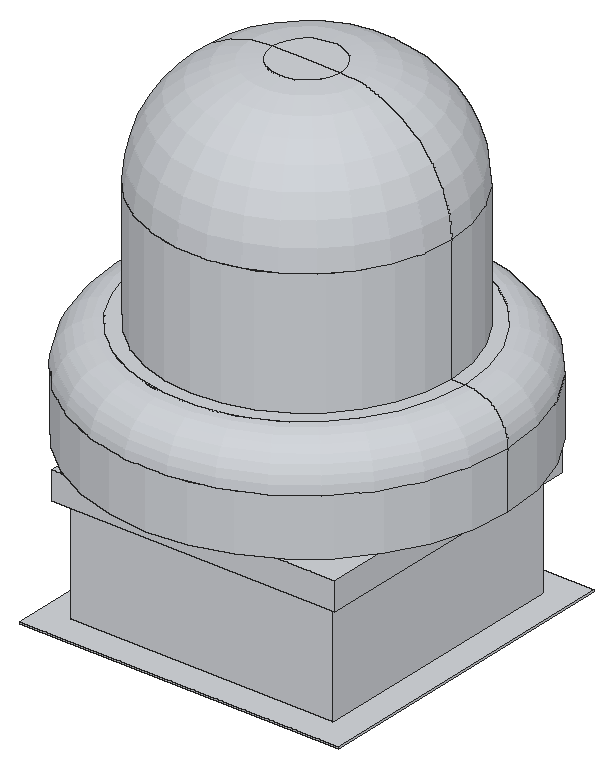
Revit family "ACE-D", category Mechanical Equipment, Revit 2019
Family settings
  Round Connector Dimension = Use Diameter
  Part Type = Normal
  Work Plane-Based = No
  Always vertical = Yes
  Cut with Voids When Loaded = No
  Shared = No
  Room Calculation Point = No
Parameters (values of type "120_ACE-D")
  ZERO = 0"  # constant formula
  Voltage [instance] = 0 V
  Unit Weight [instance] = ""
  URL = "www.lorencook.com"
  Type Comments = "Downblast Centrifugal Exhaust Ventilator Roof Mounted/Direct Drive"
  T_SQ_HALF = T_SQ / 2  # 10"
  T_SQ = 20"
  Static Pressure [instance] = 0.00 in-wg
  Sones [instance] = ""
  ROOF_OPENING = T_SQ - 4 1/2"  # 15 1/2"
  RO/2 = ROOF_OPENING / 2  # 7 3/4"
  Power [instance] = Voltage * Motor FLA * sqrt(if(Phase = 3, 3, 1))  # 0 VA
  Phase [instance] = 0
  Number of Poles [instance] = 1
  Motor RPM [instance] = ""
  Motor Hp [instance] = ""
  Motor FLA [instance] = 0 A
  Motor Enclosure [instance] = ""
  ModelID [instance] = ""
  Model = "ACED"
  Manufacturer = "Loren Cook Company"
  LwA [instance] = ""
  HALF_B_SUB = B_SUB / 2  # 14 7/32"
  Fan RPM [instance] = ""
  EDGE_TO_INLET = 3"
  EDGE_TO_CURB = 4.25879"
  DEPTH = 2"
  C_SUB = 27 1/16"
  CURB_HEIGHT [instance] = 9 1/2"
  CURB [instance] = yes
  CFM [instance] = 0 CFM
  Brake Hp [instance] = ""
  B_SUB_MINUS_4 = HALF_B_SUB - 4"  # 10 7/32"
  B_SUB = 28 7/16"
  Accessories [instance] = ""
  A_SUB = 1 7/16"
  LOWER_WB_HEIGHT = 7"
  Two = 2"  # constant formula
  One and a Half = 1 1/2"  # constant formula
  ONE EIGTH = 1/8"  # constant formula
Types (25): name | Type Comments | T_SQ_HALF | T_SQ | ROOF_OPENING | RO/2 | Motor Hp | Model | Manufacturer | HALF_B_SUB | EDGE_TO_INLET | EDGE_TO_CURB | DEPTH | C_SUB | CURB | B_SUB_MINUS_4 | B_SUB | A_SUB | LOWER_WB_HEIGHT
  (no name) | "Downblast Centrifugal Exhaust Ventilator Roof Mounted/Direct Drive" | 10" | 20" | 15 1/2" | 7 3/4" | "" | "ACED" | "Loren Cook Company" | 14 7/32" | 3" | 4.25879" | 2" | 27 1/16" | yes | 10 7/32" | 28 7/16" | 1 7/16" | 7"
  90_ACE-D | "Downblast Centrifugal Exhaust Ventilator Roof Mounted/Direct Drive" | 9" | 18" | 13 1/2" | 6 3/4" | "" | "ACED" | "Loren Cook Company" | 9 3/8" | 4" | 2 1/4" | 2" | 16 13/16" | yes | 5 3/8" | 18 3/4" | 2 1/2" | 4 1/2"
  70_ACE-D | "Downblast Centrifugal Exhaust Ventilator Roof Mounted/Direct Drive" | 9" | 18" | 13 1/2" | 6 3/4" | "" | "ACED" | "Loren Cook Company\r\nLoren Cook Company" | 6 13/16" | 6" | 4.25879" | 2" | 13 13/16" | yes | 2 13/16" | 13 5/8" | 1 3/4" | 4"
  100_ACE-D | "Downblast Centrifugal Exhaust Ventilator Roof Mounted/Direct Drive" | 9" | 18" | 13 1/2" | 6 3/4" | "0" | "ACED" | "Loren Cook Company" | 9 3/8" | 4" | 4.25879" | 2" | 16 13/16" | yes | 5 3/8" | 18 3/4" | 2 1/2" | 4 1/2"
  120_ACE-D | "Downblast Centrifugal Exhaust Ventilator Roof Mounted/Direct Drive" | 10" | 20" | 15 1/2" | 7 3/4" | "" | "ACED" | "Loren Cook Company" | 14 7/32" | 3" | 4.25879" | 2" | 27 1/16" | yes | 10 7/32" | 28 7/16" | 1 7/16" | 7"
  135_ACE-D | "Downblast Centrifugal Exhaust Ventilator Roof Mounted/Direct Drive" | 10" | 20" | 15 1/2" | 7 3/4" | "" | "ACED" | "Loren Cook Company" | 14 7/32" | 2 1/2" | 4.25879" | 2" | 27 1/16" | yes | 10 7/32" | 28 7/16" | 1 15/16" | 7"
  150_ACE-D | "Downblast Centrifugal Exhaust Ventilator Roof Mounted/Direct Drive" | 12" | 24" | 19 1/2" | 9 3/4" | "" | "ACED" | "Loren Cook Company" | 16 7/16" | 3" | 4.25879" | 2" | 28 11/16" | yes | 12 7/16" | 32 7/8" | 2 13/16" | 7"
  165_ACE-D | "Downblast Centrifugal Exhaust Ventilator Roof Mounted/Direct Drive" | 12" | 24" | 19 1/2" | 9 3/4" | "" | "ACED" | "Loren Cook Company" | 16 7/16" | 3" | 4 33/128" | 2" | 29 3/16" | yes | 12 7/16" | 32 7/8" | 3 5/16" | 7"
  180_ACE-D | "Downblast Centrifugal Exhaust Ventilator Roof Mounted/Direct Drive" | 15" | 30" | 25 1/2" | 12 3/4" | "" | "ACED" | "Loren Cook Company" | 18 27/32" | 3 3/4" | 4 33/128" | 3" | 33 15/16" | no | 14 27/32" | 37 11/16" | 3 5/16" | 6 5/16"
  195_ACE-D | "Downblast Centrifugal Exhaust Ventilator Roof Mounted/Direct Drive" | 15" | 30" | 25 1/2" | 12 3/4" | "" | "ACED" | "Loren Cook Company" | 18 27/32" | 3 3/4" | 4 33/128" | 3" | 35" | no | 14 27/32" | 37 11/16" | 4 7/16" | 6 5/16"
  210_ACE-D | "Downblast Centrifugal Exhaust Ventilator Roof Mounted/Direct Drive" | 15" | 30" | 25 1/2" | 12 3/4" | "" | "ACED" | "Loren Cook Company" | 21 13/16" | 3 3/4" | 4 33/128" | 3" | 37 1/4" | no | 17 13/16" | 43 5/8" | 4 3/4" | 6 5/16"
  225_ACE-D | "Downblast Centrifugal Exhaust Ventilator Roof Mounted/Direct Drive" | 15" | 30" | 25 1/2" | 12 3/4" | "" | "ACED" | "Loren Cook Company" | 21 13/16" | 3 3/4" | 4 33/128" | 3" | 37 3/8" | no | 17 13/16" | 43 5/8" | 4 7/8" | 6 5/16"
  245_ACE-D | "Downblast Centrifugal Exhaust Ventilator Roof Mounted/Direct Drive" | 15" | 30" | 25 1/2" | 12 3/4" | "" | "ACED" | "Loren Cook Company" | 23 13/16" | 3 3/4" | 4 33/128" | 3" | 39 7/8" | no | 19 13/16" | 47 5/8" | 6 1/8" | 6 5/16"
  270_ACE-D | "Downblast Centrifugal Exhaust Ventilator Roof Mounted/Direct Drive" | 18" | 36" | 31 1/2" | 15 3/4" | "" | "ACED" | "Loren Cook Company" | 23 13/16" | 3 3/4" | 4 33/128" | 3" | 39 7/8" | no | 19 13/16" | 47 5/8" | 6 1/8" | 6 5/16"
  300_ACE-D | "Downblast Centrifugal Exhaust Ventilator Roof Mounted/Direct Drive" | 18" | 36" | 31 1/2" | 15 3/4" | "" | "ACED" | "Loren Cook Company" | 26 5/16" | 3 3/4" | 4 33/128" | 3" | 49 1/16" | no | 22 5/16" | 52 5/8" | 7 1/16" | 6 5/16"
  100_ACE-VF | "Downblast Centrifugal Exhaust Ventilator Roof Mounted/Direct Drive Electronically Commutated Vari-Flow Motor" | 9" | 18" | 13 1/2" | 6 3/4" | "0" | "ACED VF" | "Loren Cook Company" | 9 3/8" | 4" | 4.25879" | 2" | 16 13/16" | yes | 5 3/8" | 18 3/4" | 2 1/2" | 4 1/2"
  120_ACE-VF | "Downblast Centrifugal Exhaust Ventilator Roof Mounted/Direct Drive Electronically Commutated Vari-Flow Motor" | 10" | 20" | 15 1/2" | 7 3/4" | "" | "ACED VF" | "Loren Cook Company" | 14 7/32" | 3" | 4.25879" | 2" | 27 1/16" | yes | 10 7/32" | 28 7/16" | 1 7/16" | 7"
  135_ACE-VF | "Downblast Centrifugal Exhaust Ventilator Roof Mounted/Direct Drive Electronically Commutated Vari-Flow Motor" | 10" | 20" | 15 1/2" | 7 3/4" | "" | "ACED VF" | "Loren Cook Company" | 14 7/32" | 2 1/2" | 4.25879" | 2" | 27 1/16" | yes | 10 7/32" | 28 7/16" | 1 15/16" | 7"
  150_ACE-VF | "Downblast Centrifugal Exhaust Ventilator Roof Mounted/Direct Drive Electronically Commutated Vari-Flow Motor" | 12" | 24" | 19 1/2" | 9 3/4" | "" | "ACED VF" | "Loren Cook Company" | 16 7/16" | 3" | 4.25879" | 2" | 28 11/16" | yes | 12 7/16" | 32 7/8" | 2 13/16" | 7"
  165_ACE-VF | "Downblast Centrifugal Exhaust Ventilator Roof Mounted/Direct Drive Electronically Commutated Vari-Flow Motor" | 12" | 24" | 19 1/2" | 9 3/4" | "" | "ACED VF" | "Loren Cook Company" | 16 7/16" | 3" | 4 33/128" | 2" | 29 3/16" | yes | 12 7/16" | 32 7/8" | 3 5/16" | 7"
  180_ACE-VF | "Downblast Centrifugal Exhaust Ventilator Roof Mounted/Direct Drive Electronically Commutated Vari-Flow Motor" | 15" | 30" | 25 1/2" | 12 3/4" | "" | "ACED VF" | "Loren Cook Company" | 18 27/32" | 3 3/4" | 4 33/128" | 3" | 33 15/16" | no | 14 27/32" | 37 11/16" | 3 5/16" | 6 5/16"
  195_ACE-VF | "Downblast Centrifugal Exhaust Ventilator Roof Mounted/Direct Drive Electronically Commutated Vari-Flow Motor" | 15" | 30" | 25 1/2" | 12 3/4" | "" | "ACED VF" | "Loren Cook Company" | 18 27/32" | 3 3/4" | 4 33/128" | 3" | 35" | no | 14 27/32" | 37 11/16" | 4 7/16" | 6 5/16"
  210_ACE-VF | "Downblast Centrifugal Exhaust Ventilator Roof Mounted/Direct Drive Electronically Commutated Vari-Flow Motor" | 15" | 30" | 25 1/2" | 12 3/4" | "" | "ACED VF" | "Loren Cook Company" | 21 13/16" | 3 3/4" | 4 33/128" | 3" | 37 1/4" | no | 17 13/16" | 43 5/8" | 4 3/4" | 6 5/16"
  101_ACE-D | "Downblast Centrifugal Exhaust Ventilator Roof Mounted/Direct Drive" | 9" | 18" | 13 1/2" | 6 3/4" | "0" | "ACED" | "Loren Cook Company" | 11 25/32" | 4" | 4.25879" | 2" | 21 1/8" | yes | 7 25/32" | 23 9/16" | 2 3/8" | 4 1/2"
  101_ACE-VF | "Downblast Centrifugal Exhaust Ventilator Roof Mounted/Direct Drive" | 9" | 18" | 13 1/2" | 6 3/4" | "0" | "ACED" | "Loren Cook Company" | 11 25/32" | 4" | 4.25879" | 2" | 21 1/8" | yes | 7 25/32" | 23 9/16" | 2 3/8" | 4 1/2"
Reference planes (in)
  plane 1 "Center (Front/Back)": y = 0
  plane 2: z = 0
  plane 3 "Center (Left/Right)": x = 0
Forms (in)
  Extrusion 1, solid
    sketch origin (0, 0, 0) x (1, 0, 0) y (0, 1, 0)
      loop
        line (-10, 10) -> (-10, -10) -> (10, -10) -> (10, 10) -> (-10, 10)
    from 0 to 2
  Revolve 2, solid
    sketch origin (0, 0, 0) x (1, 0, 0) y (0, 0, 1)
      loop
        line (0, 2) -> (7, 2) -> (7, 3.4375) -> (0, 3.4375) -> (0, 2)
      axis (0, 3.4375) -> (0, 2)
    angle from 0 to 360
  Revolve 3, solid
    sketch origin (0, 0, 0) x (1, 0, 0) y (0, 0, 1)
      loop
        line (0, 3.4375) -> (14.21875, 3.4375) -> (14.21875, 7.4375)
        arc (14.21875, 7.4375) -> (13.34007, 9.55882) -> (11.21875, 10.4375) r 3
        line (11.21875, 10.4375) -> (0, 10.4375) -> (0, 3.4375)
      axis (0, 3.4375) -> (0, 10.4375)
    angle from 0 to 360
  Revolve 4, solid
    sketch origin (0, 0, 0) x (1, 0, 0) y (0, 0, 1)
      loop
        line (0, 10.4375) -> (10.21875, 10.4375) -> (10.21875, 19.21875)
        arc (10.21875, 19.21875) -> (7.92137, 24.76512) -> (2.375, 27.0625) r 7.84375
        line (2.375, 27.0625) -> (0, 27.0625) -> (0, 10.4375)
      axis (0, 27.0625) -> (0, 10.4375)
    angle from 0 to 360
  Extrusion 5, solid
    sketch origin (0, 0, 0) x (1, 0, 0) y (0, 1, 0)
      loop
        line (-5.74121, -5.74121) -> (-3.74121, -5.74121) -> (-3.74121, -3.74121) -> (-5.74121, -3.74121) -> (-5.74121, -5.74121)
    from 2 to 4
  Extrusion 6, void
    sketch origin (0, 0, 0) x (1, 0, 0) y (0, 1, 0)
      loop
        line (-9.875, -9.875) -> (9.875, -9.875) -> (9.875, 9.875) -> (-9.875, 9.875) -> (-9.875, -9.875)
    from 0 to 1.875
  Extrusion 7, solid, visible <- "CURB"
    sketch origin (0, 0, 1.875) x (0, 1, 0) y (1, 0, 0)
      loop
        line (9.25, -9.25) -> (9.25, 9.25) -> (-9.25, 9.25) -> (-9.25, -9.25) -> (9.25, -9.25)
      loop
        line (-7.75, 7.75) -> (-7.75, -7.75) -> (7.75, -7.75) -> (7.75, 7.75) -> (-7.75, 7.75)
    from 0 to 9.5 <- "CURB_HEIGHT"
  Extrusion 8, solid, visible <- "CURB"
    sketch origin (0, 0, -7.625) x (-1, 0, 0) y (0, 1, 0)
      loop
        line (11.25, -11.25) -> (11.25, 11.25) -> (-11.25, 11.25) -> (-11.25, -11.25) -> (11.25, -11.25)
      loop
        line (-9.25, 9.25) -> (-9.25, -9.25) -> (9.25, -9.25) -> (9.25, 9.25) -> (-9.25, 9.25)
    from 0 to -0.125
Cuts and joins
  Extrusion 6 cuts Extrusion 1
Dimensions and locks (in)
  "T_SQ": Extrusion 1 sketch curve to Extrusion 1 sketch curve  (x2)
  "DEPTH": Extrusion 1 to Extrusion 1
  "T_SQ": Extrusion 1 to Extrusion 1  (x2)
  "EDGE_TO_INLET": Extrusion 1 to Revolve 2 sketch curve
  "A_SUB": Revolve 2 sketch curve to Extrusion 1
  Revolve 2 sketch curve to Extrusion 1 = 0"
  "T_SQ_HALF": Revolve 2 sketch curve to Extrusion 1  (x2)
  Revolve 2 to Revolve 3 sketch curve = 0"
  "LOWER_WB_HEIGHT": Revolve 3 sketch curve to Revolve 3 sketch curve
  "HALF_B_SUB": Revolve 3 sketch curve to plane 3 "Center (Left/Right)"
  "T_SQ_HALF": Extrusion 1 sketch curve to plane 3 "Center (Left/Right)"
  "T_SQ_HALF": plane 1 "Center (Front/Back)" to Extrusion 1 sketch curve
  "C_SUB": Revolve 4 sketch curve to Extrusion 1
  "LOWER_WB_HEIGHT": Revolve 4 sketch curve to Revolve 3
  Revolve 4 sketch curve to Extrusion 1 = 7/32"
  Revolve 4 sketch curve to plane 3 "Center (Left/Right)" = 0"
  Revolve 3 to Revolve 4 sketch curve = 4"
  "EDGE_TO_CURB": Extrusion 1 to Extrusion 5 sketch curve  (x2)
  "ONE EIGTH": Extrusion 1 to Extrusion 6 sketch curve  (x3)
  "ONE EIGTH": Extrusion 6 sketch curve to Extrusion 1
  "One and a Half": Extrusion 7 sketch curve to Extrusion 7 sketch curve  (x4)
  "RO/2": plane 1 "Center (Front/Back)" to Extrusion 7 sketch curve
  "RO/2": Extrusion 7 sketch curve to plane 1 "Center (Front/Back)"
  "RO/2": plane 3 "Center (Left/Right)" to Extrusion 7 sketch curve
  "RO/2": Extrusion 7 sketch curve to plane 3 "Center (Left/Right)"
  "ZERO": Extrusion 8 sketch curve to Extrusion 7  (x4)
  "Two": Extrusion 7 to Extrusion 8 sketch curve
  "Two": Extrusion 8 sketch curve to Extrusion 7  (x3)
  radius of Revolve 3 sketch curve = 3"
Automatic sketch dimensions
  Revolve 3 sketch curve to plane 3 "Center (Left/Right)" = 0"  (x2)
  Revolve 3 sketch curve to Revolve 3 sketch curve = 0"  (x2)
  Revolve 2 sketch curve to Revolve 2 sketch curve = 0"  (x2)
  Revolve 4 sketch curve to plane 3 "Center (Left/Right)" = 0"
  Revolve 4 sketch curve to Revolve 4 sketch curve = 0"  (x2)
  plane 3 "Center (Left/Right)" to Revolve 4 sketch curve = 2 3/8"
  Extrusion 5 sketch curve to Extrusion 5 sketch curve = 2"  (x2)
Connectors (in)
  electrical at (-4.74121, -4.74121, 2)
    settings: on Extrusion 5, index 2, voltage 0 V, apparent load 0 VA, apparent load phase1 0 VA, apparent load phase2 0 VA, apparent load phase3 0 VA, power factor 1, load classification "Other", number of poles 1, system type 30, power factor state 1, is connector primary yes, connector utility no, sub classification motor no, connector description ""
  hvac at (0, 0, 2), driven by "CFM", driven by "ROOF_OPENING", driven by "ROOF_OPENING"
    settings: on cut or joined group of Extrusion 1, Extrusion 6, index 3, duct flow 0 CFM, flow factor 0, pres drop 0.00 in-wg, loss coef 0, conn angle 0.00°, conn width 15 1/2", conn height 15 1/2", conn diameter 24", duct sys type 3, conn prof type 1, flow config 0, flow direction 2, loss method 0, conn ref index -1, conn util no, is conn primary yes, conn desc ""
